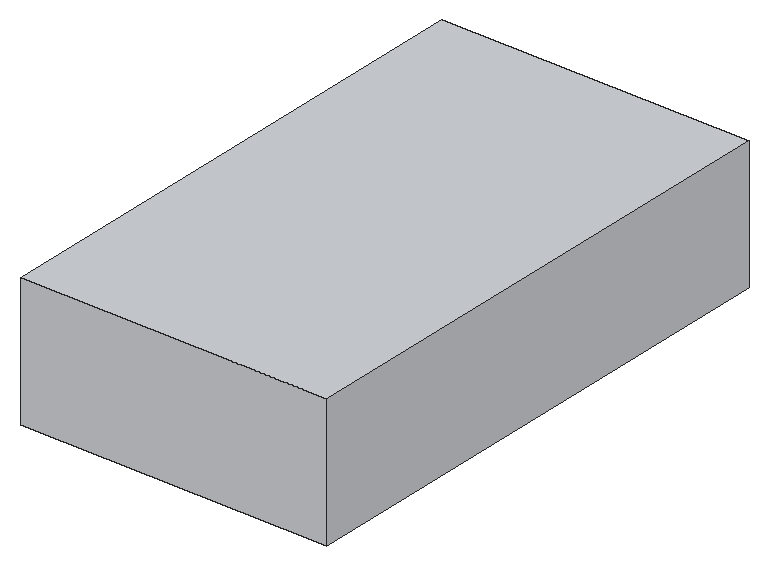
Revit family "KC Line-Voltage Thermostat", category Electrical Fixtures, host Face, Revit 2027
Family settings
  Host = Face
  Round Connector Dimension = Use Diameter
  Part Type = Normal
  Cut with Voids When Loaded = No
  Maintain Annotation Orientation = No
  Shared = No
  Room Calculation Point = No
Parameters (values of type "Line-voltage 240V 2-pole")
  Default Elevation = 1219.2 mm
Reference planes
  plane 1 "Center (Front/Back)": y = 0
  plane 2: z = 0
  plane 3 "Center (Left/Right)": x = 0
Forms (mm)
  Extrusion 1, solid
    sketch origin (0, 0, 0) x (1, 0, 0) y (0, 1, 0)
      loop
        line (-35, -60) -> (35, -60) -> (35, 60) -> (-35, 60) -> (-35, -60)
    from 0 to 30
Dimensions and locks
  aligned and locked: plane 2 to host face
  aligned and locked: level to host face
